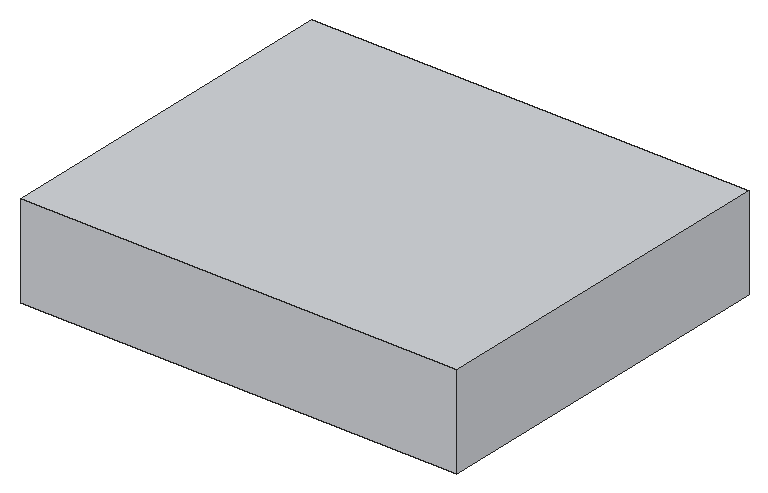
Revit family "c575b7f91d084d379481f1d5a017cdce", category Communication Devices, Revit 2021
Family settings
  Maintain Annotation Orientation = Yes
  Round Connector Dimension = Use Diameter
  Part Type = Normal
  OmniClass Number = 23.85.10.11.14.14.17
  OmniClass Title = Sound Amplifiers
  Seek Item ID = Amplifier-0000-USA-ENU
  Work Plane-Based = No
  Always vertical = Yes
  Cut with Voids When Loaded = No
  Shared = No
  Room Calculation Point = No
Parameters (values of type "Standard")
  Width = 1' - 4 1/2"
  Length = 1' - 1 205/256"
  Label = "A"
  Height = 0' - 3 1/2"
  Default Elevation = 0' - 0"
  Amplifier Material = none
Reference planes (in)
  plane 1 "Center (Front/Back)": y = 0
  plane 2: z = 0
  plane 3 "Center (Left/Right)": x = 0
  plane 4: x = -8.25
  plane 5: x = 8.25
  plane 6: y = -13.80078
  plane 7: z = 3.5
Forms (in)
  Extrusion 1, solid, material <- "Amplifier Material"
    sketch origin (0, 0, 0) x (1, 0, 0) y (0, 1, 0)
      loop
        line (-8.25, 0) -> (-8.25, -13.80078) -> (8.25, -13.80078) -> (8.25, 0) -> (-8.25, 0)
    from 0 to 3.5
Lines and regions (in)
  symbolic lines, detail levels fine
    curve 1: line (-8.25, 0, 0) -> (-8.25, -13.80078, 0)
    curve 2: line (8.25, 0, 0) -> (-8.25, 0, 0)
    curve 3: line (8.25, -13.80078, 0) -> (8.25, 0, 0)
    curve 4: line (-8.25, -13.80078, 0) -> (8.25, -13.80078, 0)
Dimensions and locks (in)
  equal spacing: plane 4, plane 3 "Center (Left/Right)", plane 5
  "Length": plane 6 to plane 1 "Center (Front/Back)"
  "Width": plane 4 to plane 5
  "Height": plane 7 to plane 2
  aligned and locked: Extrusion 1 to plane 1 "Center (Front/Back)"
  aligned and locked: Extrusion 1 to plane 4
  aligned and locked: plane 5 to Extrusion 1
  aligned and locked: Extrusion 1 to plane 6
  aligned and locked: plane 7 to Extrusion 1
  aligned and locked: Extrusion 1 to plane 2
  aligned and locked: plane 1 "Center (Front/Back)" to nested 1
  aligned and locked: plane 3 "Center (Left/Right)" to nested 1
  aligned and locked: curve 1 to Extrusion 1
  aligned and locked: curve 2 to Extrusion 1
  aligned and locked: curve 3 to Extrusion 1
  aligned and locked: curve 4 to Extrusion 1
Automatic sketch dimensions
  Extrusion 1 sketch curve to plane 1 "Center (Front/Back)" = 0' - 0"
  plane 4 to Extrusion 1 sketch curve = 0' - 0"
  Extrusion 1 sketch curve to plane 5 = 0' - 0"
  plane 1 "Center (Front/Back)" to Extrusion 1 sketch curve = 1' - 1 205/256"
Nested families (in)
  nested 1: "Amplifier Annotation" at (0, 0, 0), type "Amplifier Annotation", detail levels coarse+medium
Connectors (in)
  electrical at (0, 0, 1.75)
    settings: on Extrusion 1, index 1, voltage 0 V, apparent load 0 VA, apparent load phase1 0 VA, apparent load phase2 0 VA, apparent load phase3 0 VA, power factor 1, load classification "Other", number of poles 1, system type 14, power factor state 1, is connector primary yes, connector utility no, sub classification motor no, connector description ""
Definition of nested family "Amplifier Annotation"
  Parameters
    Label Annotation = "A"
  Reference planes (in)
    plane 1: y = 0
    plane 2: x = 0
  Lines and regions (in)
    reference lines
      curve 1: line (-0.07813, 0.2277, 0) -> (-0.07813, -0.28638, 0)
      curve 2: line (0.07813, 0.29601, 0) -> (0.07812, -0.28638, 0)
      curve 3: line (-0.2699, 0, 0) -> (0.35142, 0, 0)
      curve 4: line (-0.37147, -0.15625, 0) -> (0.37853, -0.15625, 0)
    detail lines
      curve 5: line (-0.07813, 0, 0) -> (0.07812, 0, 0)
      curve 6: line (-0.07813, -0.15625, 0) -> (-0.07813, 0, 0)
      curve 7: line (0.07812, -0.15625, 0) -> (-0.07813, -0.15625, 0)
      curve 8: line (0.07812, 0, 0) -> (0.07812, -0.15625, 0)
  Text (in)
    label "A" at (-0.04158, -0.08294, 0), shows "Label Annotation"
  Dimensions and locks (in)
    locked: curve 1 to plane 2 at 0.07812
    locked: plane 2 to curve 2 at 0.07813
    locked: curve 4 to curve 3 at 0.15625
    aligned and locked: curve 3 to curve 5
    aligned and locked: curve 6 to curve 1
    aligned and locked: curve 7 to curve 4
    aligned and locked: curve 2 to curve 8
    aligned and locked: plane 1 to curve 3
